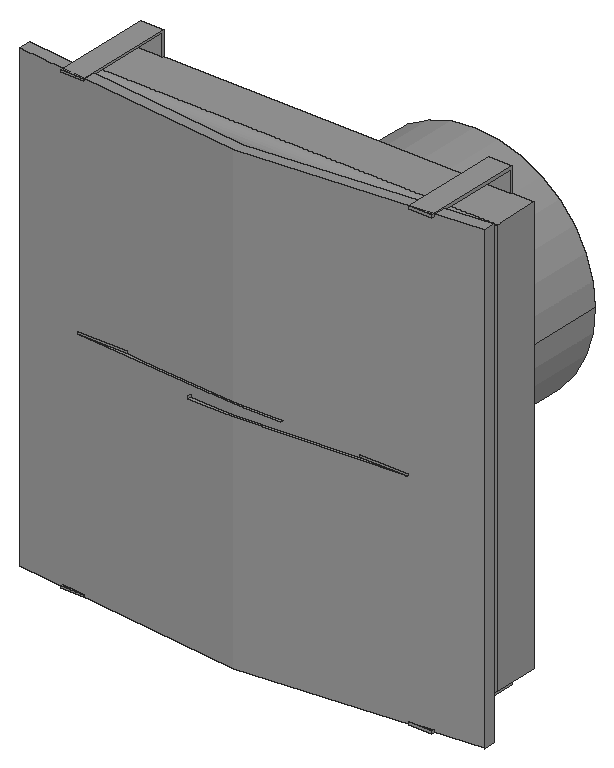
Revit family "Sileo Design 100", category Mechanical Equipment, Revit 2021
Family settings
  Round Connector Dimension = Use Diameter
  Classification = None
  Part Type = Normal
  Work Plane-Based = No
  Always vertical = Yes
  Cut with Voids When Loaded = No
  Shared = No
  Room Calculation Point = No
Parameters (values of type "Sileo Design 100")
  Width = B  # 200 mm
  Weight = 0.66 kg
  Sound pressure level at 3 m distance = "26 dBA"
  Pressure_Static_Air = 0.0 Pa
  Length = L  # 130 mm
  Height = B  # 200 mm
  Diameter = D  # 99 mm
  Default Elevation = 0 mm
  Manufacturer = "Blauberg"  # constant formula
  Voltage = 230 V
  URL = "https://blaubergventilatoren.de/en/modification/sileo-design-100"
  Power = 7.5 W
  Number of Fase = 1
  Maximum Air Flow = 90.0 m³/h
  Maintenance zone material = none
  Load Classification = "HVAC"
  L2 = L - L1  # 81 mm
  L1 = 49 mm
  L = 130 mm
  Frequency = 50 Hz
  Dn = D + 4 mm  # 103 mm
  D = 99 mm
  Casing Material = Plastic, white
  B = 200 mm
  Apparent Load = Voltage * Amperage  # 11.5 W
  Amperage = 0.05 A
  Air Flow [instance] = 0.0 m³/h
  09_System_Name [instance] = ""
  00_20_Type = "Sileo Design 100"
  00_20_Name = "Axial fan"  # constant formula
  00_20_Manufacturer = "Blauberg"  # constant formula
Reference planes
  plane 1 "По центру (Вперед/Назад)": y = 0
  plane 2: z = 0
  plane 3 "По центру (Влево/Вправо)": x = 0
Forms (mm)
  Extrusion 1, solid, material "Plastic, white" <- "Casing Material"
    sketch origin (0, 0, 0) x (1, 0, 0) y (0, 0, 1)
      loop
        circle (0, 0) r 49.5
      loop
        circle (0, 0) r 51.5
    from -81 to 0
Dimensions and locks
  "L2": plane 1 "По центру (Вперед/Назад)" to Extrusion 1
  "L2": plane 1 "По центру (Вперед/Назад)" to nested 1
  "D": diameter of Extrusion 1 sketch curve
  "Dn": diameter of Extrusion 1 sketch curve
  aligned and locked: level to plane 2
  aligned and locked: level to nested 1
  aligned and locked: nested 1 to plane 3 "По центру (Влево/Вправо)"
  aligned and locked: plane 1 "По центру (Вперед/Назад)" to Extrusion 1
  aligned and locked: plane 1 "По центру (Вперед/Назад)" to nested 2
  aligned and locked: plane 3 "По центру (Влево/Вправо)" to nested 2
Automatic sketch dimensions
  Extrusion 1 sketch curve to Extrusion 1 sketch curve = 0 mm  (x2)
  Extrusion 1 sketch curve to level = 0 mm
  Extrusion 1 sketch curve to plane 3 "По центру (Влево/Вправо)" = 0 mm
Nested families
  nested 1: "Fan" at (0, 72.445, 0) x (-1, 0, 0) z (0, -1, 0), type "Fan"
    with R 49.5 mm, Dy 99 mm
  nested 2: "Panel" at (0, 0, 0), type "cutout"
    with Вырез yes
Connectors
  hvac at (0, 81, 0), driven by "D"
    settings: on Extrusion 1, index 1, duct flow 0.0 m³/h, flow factor 0, pres drop 0.0 Pa, loss coef 0, conn angle 0.00°, conn width 304.8 mm, conn height 304.8 mm, conn diameter 99 mm, duct sys type 3, conn prof type 0, flow config 0, flow direction 2, loss method 0, conn ref index -1, conn util no, is conn primary yes, conn desc ""
  electrical at (0, 81, 0), driven by "Voltage", driven by "Apparent Load"
    settings: on Extrusion 1, index 2, voltage 230 V, apparent load 11.5 W, apparent load phase1 0 W, apparent load phase2 0 W, apparent load phase3 0 W, power factor 1, load classification "Прочее", number of poles 1, system type 30, power factor state 1, is connector primary yes, connector utility no, sub classification motor no, connector description ""
Definition of nested family "Fan"
  Parameters (values of type "Вентилятор")
    Default Elevation = 0 mm
    n = 10
    R = Dy / 2  # 47.5 mm
    Dy = 95 mm
  Reference planes
    plane 1 "По центру (Вперед/Назад)": y = 0
    plane 2: z = 0
    plane 3 "По центру (Влево/Вправо)": x = 0
  Forms (mm)
    Extrusion 1, solid
      sketch origin (5, 0, 0) x (1, 0, 0) y (0, 0, 1)
        loop
          arc (-1.417, 0) -> (-5.784, 15.673) -> (-3.327, 31.756) r 38.725
          arc (-3.327, 31.756) -> (-13.26, 17.281) -> (-10.167, 0) r 23.13
          line (-10.167, 0) -> (-1.417, 0)
      from 17.36 to 47.5 <- "R"
    Extrusion 2, solid
      sketch origin (4.045, -2.939, 0) x (0.809017, -0.587785, 0) y (0, 0, 1)
        loop
          arc (-1.417, 0) -> (-5.784, 15.673) -> (-3.327, 31.756) r 38.725
          arc (-3.327, 31.756) -> (-13.26, 17.281) -> (-10.167, 0) r 23.13
          line (-10.167, 0) -> (-1.417, 0)
      from 17.36 to 47.5 <- "R"
    Extrusion 3, solid
      sketch origin (4.045, 2.939, 0) x (0.809017, 0.587785, 0) y (0, 0, 1)
        loop
          arc (-1.417, 0) -> (-5.784, 15.673) -> (-3.327, 31.756) r 38.725
          arc (-3.327, 31.756) -> (-13.26, 17.281) -> (-10.167, 0) r 23.13
          line (-10.167, 0) -> (-1.417, 0)
      from 17.36 to 47.5 <- "R"
    Extrusion 4, solid
      sketch origin (1.545, 4.755, 0) x (0.309017, 0.951057, 0) y (0, 0, 1)
        loop
          arc (-1.417, 0) -> (-5.784, 15.673) -> (-3.327, 31.756) r 38.725
          arc (-3.327, 31.756) -> (-13.26, 17.281) -> (-10.167, 0) r 23.13
          line (-10.167, 0) -> (-1.417, 0)
      from 17.36 to 47.5 <- "R"
    Extrusion 5, solid
      sketch origin (-1.545, 4.755, 0) x (-0.309017, 0.951057, 0) y (0, 0, 1)
        loop
          arc (-1.417, 0) -> (-5.784, 15.673) -> (-3.327, 31.756) r 38.725
          arc (-3.327, 31.756) -> (-13.26, 17.281) -> (-10.167, 0) r 23.13
          line (-10.167, 0) -> (-1.417, 0)
      from 17.36 to 47.5 <- "R"
    Extrusion 6, solid
      sketch origin (-4.045, 2.939, 0) x (-0.809017, 0.587785, 0) y (0, 0, 1)
        loop
          arc (-1.417, 0) -> (-5.784, 15.673) -> (-3.327, 31.756) r 38.725
          arc (-3.327, 31.756) -> (-13.26, 17.281) -> (-10.167, 0) r 23.13
          line (-10.167, 0) -> (-1.417, 0)
      from 17.36 to 47.5 <- "R"
    Extrusion 7, solid
      sketch origin (-5, 0, 0) x (-1, 0, 0) y (0, 0, 1)
        loop
          arc (-1.417, 0) -> (-5.784, 15.673) -> (-3.327, 31.756) r 38.725
          arc (-3.327, 31.756) -> (-13.26, 17.281) -> (-10.167, 0) r 23.13
          line (-10.167, 0) -> (-1.417, 0)
      from 17.36 to 47.5 <- "R"
    Extrusion 8, solid
      sketch origin (-4.045, -2.939, 0) x (-0.809017, -0.587785, 0) y (0, 0, 1)
        loop
          arc (-1.417, 0) -> (-5.784, 15.673) -> (-3.327, 31.756) r 38.725
          arc (-3.327, 31.756) -> (-13.26, 17.281) -> (-10.167, 0) r 23.13
          line (-10.167, 0) -> (-1.417, 0)
      from 17.36 to 47.5 <- "R"
    Revolve 9, solid
      sketch origin (0, 0, 0) x (1, 0, 0) y (0, 0, 1)
        loop
          line (0, -8.555) -> (20, -8.555) -> (20, 33.086)
          arc (20, 33.086) -> (10.356, 37.118) -> (0, 38.543) r 40.436
          line (0, 38.543) -> (0, -8.555)
        axis (0, 38.543) -> (0, -8.555)
      angle from 0 to 360
    Extrusion 10, solid
      sketch origin (-1.545, -4.755, 0) x (-0.309017, -0.951057, 0) y (0, 0, 1)
        loop
          arc (-1.417, 0) -> (-5.784, 15.673) -> (-3.327, 31.756) r 38.725
          arc (-3.327, 31.756) -> (-13.26, 17.281) -> (-10.167, 0) r 23.13
          line (-10.167, 0) -> (-1.417, 0)
      from 17.36 to 47.5 <- "R"
    Extrusion 11, solid
      sketch origin (1.545, -4.755, 0) x (0.309017, -0.951057, 0) y (0, 0, 1)
        loop
          arc (-1.417, 0) -> (-5.784, 15.673) -> (-3.327, 31.756) r 38.725
          arc (-3.327, 31.756) -> (-13.26, 17.281) -> (-10.167, 0) r 23.13
          line (-10.167, 0) -> (-1.417, 0)
      from 17.36 to 47.5 <- "R"
  Dimensions and locks
    aligned and locked: level to plane 2
  Automatic sketch dimensions
    Extrusion 1 sketch curve to Extrusion 1 sketch curve = 8.75 mm
    Extrusion 1 sketch curve to Extrusion 1 sketch curve = 10.768 mm
    Extrusion 1 sketch curve to Extrusion 1 sketch curve = 23.52 mm
    Extrusion 1 sketch curve to Extrusion 1 sketch curve = 12.411 mm
    Extrusion 1 sketch curve to Extrusion 1 sketch curve = 5.588 mm
    Extrusion 2 sketch curve to Extrusion 2 sketch curve = 8.75 mm
    Extrusion 2 sketch curve to Extrusion 2 sketch curve = 10.768 mm
    Extrusion 2 sketch curve to Extrusion 2 sketch curve = 23.52 mm
    Extrusion 2 sketch curve to Extrusion 2 sketch curve = 12.411 mm
    Extrusion 2 sketch curve to Extrusion 2 sketch curve = 5.588 mm
    Extrusion 3 sketch curve to Extrusion 3 sketch curve = 8.75 mm
    Extrusion 3 sketch curve to Extrusion 3 sketch curve = 10.768 mm
    Extrusion 3 sketch curve to Extrusion 3 sketch curve = 23.52 mm
    Extrusion 3 sketch curve to Extrusion 3 sketch curve = 12.411 mm
    Extrusion 3 sketch curve to Extrusion 3 sketch curve = 5.588 mm
    Extrusion 4 sketch curve to Extrusion 4 sketch curve = 8.75 mm
    Extrusion 4 sketch curve to Extrusion 4 sketch curve = 10.768 mm
    Extrusion 4 sketch curve to Extrusion 4 sketch curve = 23.52 mm
    Extrusion 4 sketch curve to Extrusion 4 sketch curve = 12.411 mm
    Extrusion 4 sketch curve to Extrusion 4 sketch curve = 5.588 mm
    Extrusion 5 sketch curve to Extrusion 5 sketch curve = 8.75 mm
    Extrusion 5 sketch curve to Extrusion 5 sketch curve = 10.768 mm
    Extrusion 5 sketch curve to Extrusion 5 sketch curve = 23.52 mm
    Extrusion 5 sketch curve to Extrusion 5 sketch curve = 12.411 mm
    Extrusion 5 sketch curve to Extrusion 5 sketch curve = 5.588 mm
    Extrusion 6 sketch curve to Extrusion 6 sketch curve = 8.75 mm
    Extrusion 6 sketch curve to Extrusion 6 sketch curve = 10.768 mm
    Extrusion 6 sketch curve to Extrusion 6 sketch curve = 23.52 mm
    Extrusion 6 sketch curve to Extrusion 6 sketch curve = 12.411 mm
    Extrusion 6 sketch curve to Extrusion 6 sketch curve = 5.588 mm
    Extrusion 7 sketch curve to Extrusion 7 sketch curve = 8.75 mm
    Extrusion 7 sketch curve to Extrusion 7 sketch curve = 10.768 mm
    Extrusion 7 sketch curve to Extrusion 7 sketch curve = 23.52 mm
    Extrusion 7 sketch curve to Extrusion 7 sketch curve = 12.411 mm
    Extrusion 7 sketch curve to Extrusion 7 sketch curve = 5.588 mm
    Extrusion 8 sketch curve to Extrusion 8 sketch curve = 8.75 mm
    Extrusion 8 sketch curve to Extrusion 8 sketch curve = 10.768 mm
    Extrusion 8 sketch curve to Extrusion 8 sketch curve = 23.52 mm
    Extrusion 8 sketch curve to Extrusion 8 sketch curve = 12.411 mm
    Extrusion 8 sketch curve to Extrusion 8 sketch curve = 5.588 mm
    Revolve 9 sketch curve to plane 3 "По центру (Влево/Вправо)" = 0 mm  (x2)
    Revolve 9 sketch curve to plane 3 "По центру (Влево/Вправо)" = 0.288 mm
    plane 3 "По центру (Влево/Вправо)" to Revolve 9 sketch curve = 20 mm
    Revolve 9 sketch curve to level = 8.555 mm
    Revolve 9 sketch curve to level = 1.892 mm
    level to Revolve 9 sketch curve = 33.086 mm
    Revolve 9 sketch curve to Revolve 9 sketch curve = 3.543 mm
    Revolve 9 sketch curve to Revolve 9 sketch curve = 1.457 mm
    Extrusion 10 sketch curve to Extrusion 10 sketch curve = 8.75 mm
    Extrusion 10 sketch curve to Extrusion 10 sketch curve = 10.768 mm
    Extrusion 10 sketch curve to Extrusion 10 sketch curve = 23.52 mm
    Extrusion 10 sketch curve to Extrusion 10 sketch curve = 12.411 mm
    Extrusion 10 sketch curve to Extrusion 10 sketch curve = 5.588 mm
    Extrusion 11 sketch curve to Extrusion 11 sketch curve = 8.75 mm
    Extrusion 11 sketch curve to Extrusion 11 sketch curve = 10.768 mm
    Extrusion 11 sketch curve to Extrusion 11 sketch curve = 23.52 mm
    Extrusion 11 sketch curve to Extrusion 11 sketch curve = 12.411 mm
    Extrusion 11 sketch curve to Extrusion 11 sketch curve = 5.588 mm
Definition of nested family "Panel"
  Parameters (values of type "Вырез")
    Default Elevation = 0 mm
    Вырез [instance] = yes
    b = B / 2  # 100 mm
    T2 = T - 5 mm  # 44 mm
    Casing Material = none
    T1 = T / 2  # 24.5 mm
    T = 49 mm
    H1 = B - 20 mm  # 180 mm
    H = 200 mm
    Grid Material = none
    Dy = 99 mm
    B2 = B / 2 - 30 mm  # 70 mm
    B1 = B - 20 mm  # 180 mm
    B = 200 mm
  Reference planes
    plane 1 "По центру (Вперед/Назад)": y = 0
    plane 2: z = 0
    plane 3 "По центру (Влево/Вправо)": x = 0
    plane 4 "Габарит": y = -49
  Forms (mm)
    Extrusion 1, solid, material <- "Casing Material"
      sketch origin (0, 0, 0) x (1, 0, 0) y (0, 0, 1)
        loop
          line (-90, -90) -> (90, -90) -> (90, 90) -> (-90, 90) -> (-90, -90)
        loop
          circle (0, 0) r 49.5
      from 0 to 24.5 <- "T1"
    Sweep 2, void
      path in 3D
        loop
          line (-90, -24.5, 90) -> (-90, -24.5, -90) -> (90, -24.5, -90) -> (90, -24.5, 90) -> (-90, -24.5, 90)
      profile origin (0, -24.5, 90) x (0, -1, 0) y (0, 0, 1)
        loop
          line (0, 0) -> (-5, 0)
          arc (-5, 0) -> (-1.464, -1.464) -> (0, -5) r 5
          line (0, -5) -> (0, 0)
    Revolve 3, solid, material <- "Grid Material"
      sketch origin (0, 0, 0) x (0, 1, 0) y (0, 0, 1)
        loop
          arc (-24.5, 64.46) -> (-36.724, 33.255) -> (-40.884, 0) r 135
          line (-40.884, 0) -> (-39.884, 0)
          arc (-39.884, 0) -> (-35.981, 32.104) -> (-24.5, 62.339) r 134
          line (-24.5, 62.339) -> (-24.5, 64.46)
        axis (-24.5, 0) -> (-40.884, 0)
      angle from 0 to 360
    Extrusion 4, solid, material <- "Casing Material"
      sketch origin (0, 0, 0) x (0, 1, 0) y (0, 0, 1)
        loop
          line (-42.169, 100) -> (-42.169, 99) -> (0, 99) -> (0, 70) -> (1, 70) -> (1, 100) -> (-42.169, 100)
      from 70 to 79.95
    Extrusion 5, solid, material <- "Casing Material"
      sketch origin (0, 0, 0) x (0, 1, 0) y (0, 0, 1)
        loop
          line (-42.169, 100) -> (-42.169, 99) -> (0, 99) -> (0, 70) -> (1, 70) -> (1, 100) -> (-42.169, 100)
      from -80 to -70
    Extrusion 6, solid, material <- "Casing Material"
      sketch origin (0, 0, 0) x (0, 1, 0) y (0, 0, 1)
        loop
          line (-42.169, -99) -> (-42.169, -100) -> (1, -100) -> (1, -70) -> (0, -70) -> (0, -99) -> (-42.169, -99)
      from 70 to 80
    Extrusion 7, solid, material <- "Casing Material"
      sketch origin (0, 0, 0) x (0, 1, 0) y (0, 0, 1)
        loop
          line (-42.169, -99) -> (-42.169, -100) -> (1, -100) -> (1, -70) -> (0, -70) -> (0, -99) -> (-42.169, -99)
      from -80 to -70
    Extrusion 8, solid, material <- "Casing Material"
      sketch origin (0, 0, 0) x (1, 0, 0) y (0, 1, 0)
        loop
          arc (-100, -39) -> (0, -49) -> (100, -39) r 505
          line (100, -39) -> (100, -33.898)
          arc (100, -33.898) -> (0, -44) -> (-100, -33.898) r 500
          line (-100, -33.898) -> (-100, -39)
      from -100 to 100
    Extrusion 9, void
      sketch origin (0, 0, 0) x (0, 1, 0) y (0, 0, 1)
        loop
          line (-44, 2) -> (-44, 3) -> (-49, 3) -> (-49, 2) -> (-44, 2)
      from -100 to 20
    Extrusion 10, void
      sketch origin (0, 0, 0) x (0, 1, 0) y (0, 0, 1)
        loop
          line (-44, -3) -> (-44, -2) -> (-49, -2) -> (-49, -3) -> (-44, -3)
      from -20 to 100
  Cuts and joins
    Sweep 2 cuts Extrusion 1
    Extrusion 9, Extrusion 10 cuts Extrusion 8
  Lines and regions (mm)
    sketch lines
      curve 1: line (90, -24.5, 90) -> (-90, -24.5, 90)
      curve 2: line (-90, -24.5, 90) -> (-90, -24.5, -90)
      curve 3: line (90, -24.5, -90) -> (90, -24.5, 90)
      curve 4: line (-90, -24.5, -90) -> (90, -24.5, -90)
  Dimensions and locks
    "H1": Extrusion 1 sketch curve to Extrusion 1 sketch curve
    equal spacing: Extrusion 1 sketch curve, plane 3 "По центру (Влево/Вправо)", Extrusion 1 sketch curve
    "B1": Extrusion 1 sketch curve to Extrusion 1 sketch curve
    "T": plane 4 "Габарит" to plane 1 "По центру (Вперед/Назад)"
    equal spacing: Extrusion 1 sketch curve, level, Extrusion 1 sketch curve
    locked: Extrusion 4 sketch curve to Extrusion 4 sketch curve at 1  (x2)
    "b": Extrusion 4 sketch curve to level
    "B2": plane 3 "По центру (Влево/Вправо)" to Extrusion 4
    locked: Extrusion 4 to Extrusion 4 at 9.95
    "B2": Extrusion 4 sketch curve to level
    "B2": level to Extrusion 5 sketch curve
    "b": Extrusion 5 sketch curve to level
    locked: Extrusion 5 sketch curve to Extrusion 5 sketch curve at 1  (x2)
    "B2": Extrusion 5 to plane 3 "По центру (Влево/Вправо)"
    locked: Extrusion 5 to Extrusion 5 at 10
    locked: Extrusion 6 sketch curve to Extrusion 6 sketch curve at 1  (x2)
    "B2": level to Extrusion 6 sketch curve
    "b": level to Extrusion 6 sketch curve
    locked: Extrusion 7 sketch curve to Extrusion 7 sketch curve at 1  (x2)
    "B2": level to Extrusion 7 sketch curve
    "b": level to Extrusion 7 sketch curve
    locked: Extrusion 7 to Extrusion 7 at 10
    "B2": Extrusion 7 to plane 3 "По центру (Влево/Вправо)"
    "B2": plane 3 "По центру (Влево/Вправо)" to Extrusion 6
    locked: Extrusion 6 to Extrusion 6 at 10
    equal spacing: Extrusion 8 sketch curve, plane 3 "По центру (Влево/Вправо)", Extrusion 8 sketch curve
    "B": Extrusion 8 sketch curve to Extrusion 8 sketch curve
    locked: Extrusion 9 sketch curve to Extrusion 9 sketch curve at 1
    "T2": plane 1 "По центру (Вперед/Назад)" to Extrusion 9 sketch curve
    locked: Extrusion 9 sketch curve to level at 2
    locked: Extrusion 10 sketch curve to Extrusion 10 sketch curve at 1
    level to Extrusion 10 sketch curve = 2 mm
    "T2": plane 1 "По центру (Вперед/Назад)" to Extrusion 10 sketch curve
    "Dy": diameter of Extrusion 1 sketch curve
    aligned and locked: level to plane 2
    aligned and locked: plane 1 "По центру (Вперед/Назад)" to Extrusion 5 sketch curve
    aligned and locked: plane 1 "По центру (Вперед/Назад)" to Extrusion 4 sketch curve
    aligned and locked: Extrusion 6 sketch curve to plane 1 "По центру (Вперед/Назад)"
    aligned and locked: Extrusion 7 sketch curve to plane 1 "По центру (Вперед/Назад)"
    aligned and locked: Extrusion 9 sketch curve to plane 4 "Габарит"
    aligned and locked: Extrusion 10 sketch curve to plane 4 "Габарит"
  Automatic sketch dimensions
    Sweep 2 sketch curve to profile plane = 0 mm  (x2)
    Sweep 2 sketch curve to Sweep 2 sketch curve = 5 mm
    Revolve 3 sketch curve to Revolve 3 sketch curve = 0 mm  (x2)
    Revolve 3 sketch curve to level = 0 mm  (x2)
    plane 4 "Габарит" to Revolve 3 sketch curve = 8.116 mm
    Revolve 3 sketch curve to Revolve 3 sketch curve = 1 mm
    plane 1 "По центру (Вперед/Назад)" to Revolve 3 sketch curve = 24.5 mm
    Revolve 3 sketch curve to plane 1 "По центру (Вперед/Назад)" = 94.116 mm
    Revolve 3 sketch curve to plane 4 "Габарит" = 5.5 mm
    Revolve 3 sketch curve to Revolve 3 sketch curve = 10.384 mm
    Extrusion 1 sketch curve to level = 0 mm
    Extrusion 1 sketch curve to plane 3 "По центру (Влево/Вправо)" = 0 mm
    plane 4 "Габарит" to Extrusion 4 sketch curve = 6.831 mm
    plane 4 "Габарит" to Extrusion 5 sketch curve = 6.831 mm
    plane 4 "Габарит" to Extrusion 6 sketch curve = 6.831 mm
    plane 4 "Габарит" to Extrusion 7 sketch curve = 6.831 mm
    Extrusion 8 sketch curve to Extrusion 8 sketch curve = 0 mm  (x2)
    Extrusion 8 sketch curve to plane 3 "По центру (Влево/Вправо)" = 0 mm
    plane 4 "Габарит" to Extrusion 8 sketch curve = 10 mm
    Extrusion 8 sketch curve to Extrusion 8 sketch curve = 5.102 mm
    Extrusion 8 sketch curve to plane 1 "По центру (Вперед/Назад)" = 456 mm
